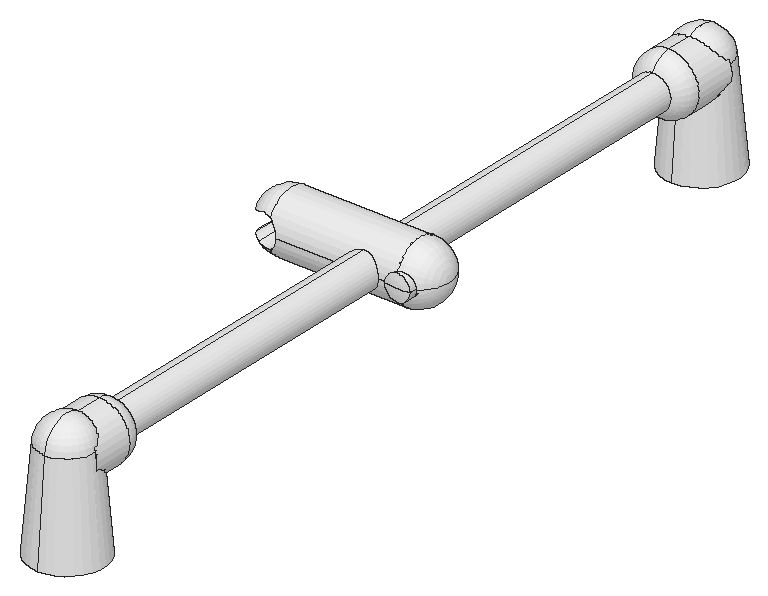
Revit family "Shower_Bar-Wall_Hung-American_Standard-1660.225_Series", category Plumbing Fixtures, host Face, Revit 2015
Parameters (values of type "1660.225.002")
  Width = 5"
  Waste Connection = no
  Warranty Information = "Limited 1-Year Warranty"  # constant formula
  WFU = 2  # constant formula
  Vent Connection = no
  URL = "https://www.americanstandard-us.com/"
  Type Comments = ""
  Product Page URL = "https://www.americanstandard-us.com/bathroom/shower-faucets/standard-slide-bar-17023"
  Product Documentation Link = "https://www.americanstandard-us.com/-/media/sites/asus/files/product-specs/shower-accessories/shower-slide-bars-1660225-1660236-1660230-1660330-1660530/spec-sheet-1660225-1660236-1660230-1660330-1660530.pdf?la=en"
  Price = "Prices may vary. Please consult Manufacturer Representative for most up-to-date price list."  # constant formula
  Model = "1660.225.002"
  Material = "Brass-American Standard-002-Polished Chrome"
  Manufacturer = "American Standard"  # constant formula
  Installation Type = "Wall-Mounted"
  Height = 23 5/8"
  HWFU = 2  # constant formula
  HW Connection = yes
  Finish = Brass-American Standard-002-Polished Chrome
  Description = "Standard Slide Bar"
  Default Elevation = 44"
  Creation Date = "01/30/2020"  # constant formula
  CWFU = 1  # constant formula
  CW Connection = yes
  Assembly Code = "D2010710"
Types (4): name | Model | Material | Finish
  (no name) | "1660.225.002" | "Brass-American Standard-002-Polished Chrome" | Brass-American Standard-002-Polished Chrome
  1660.225.002 | "1660.225.002" | "Brass-American Standard-002-Polished Chrome" | Brass-American Standard-002-Polished Chrome
  1660.225.295 | "1660.225.295" | "Brass-American Standard-295-Brushed Nickel" | Brass-American Standard-295-Brushed Nickel
  1660.225.224 | "1660.225.224" | "Brass-American Standard-224-Oil Rubbed Bronze" | Brass-American Standard-224-Oil Rubbed Bronze
Reference planes (in)
  plane 1 "Center (Front/Back)": y = 0
  plane 2: z = 0
  plane 3 "Center (Left/Right)": x = 0
  plane 4: x = -8.18213
  plane 5: y = 11.8125
  plane 6: y = -11.8125
  plane 7: y = 10.8125
  plane 8: y = -10.8125
  plane 9: z = 2.5
  plane 10: y = 34
  plane 11: z = 1.35868
  plane 12: y = 5.75
Forms (in)
  Revolve 1, solid, material "Brass-American Standard-002-Polished Chrome" <- "Finish"
    sketch origin (0, 0, 0) x (0, 1, 0) y (0, 0, 1)
      loop
        line (10.8125, 0) -> (11.8125, 0) -> (11.57366, 2.72992)
        arc (11.57366, 2.72992) -> (11.3287, 3.22666) -> (10.8125, 3.4274) r 0.76407
        line (10.8125, 3.4274) -> (10.8125, 0)
      axis (10.8125, 0) -> (10.8125, 3.4274)
    angle from 0 to 360
  Revolve 2, solid, material "Brass-American Standard-002-Polished Chrome" <- "Finish"
    sketch origin (0, -21.625, 0) x (0, 1, 0) y (0, 0, 1)
      loop
        line (10.8125, 0) -> (11.8125, 0) -> (11.57366, 2.72992)
        arc (11.57366, 2.72992) -> (11.3287, 3.22666) -> (10.8125, 3.4274) r 0.76407
        line (10.8125, 3.4274) -> (10.8125, 0)
      axis (10.8125, 0) -> (10.8125, 3.4274)
    angle from 0 to 360
  Revolve 3, solid, material "Brass-American Standard-002-Polished Chrome" <- "Finish"
    sketch origin (0, 0, 0) x (0, 1, 0) y (0, 0, 1)
      loop
        line (10.8125, 2.5) -> (10.8125, 3.32065) -> (9.70232, 3.32065)
        arc (9.70232, 3.32065) -> (9.38347, 3.22757) -> (9.16477, 2.97757) r 0.59266
        line (9.16477, 2.97757) -> (-9.16477, 2.97757)
        arc (-9.16477, 2.97757) -> (-9.38347, 3.22757) -> (-9.70232, 3.32065) r 0.59266
        line (-9.70232, 3.32065) -> (-10.8125, 3.32065) -> (-10.8125, 2.5) -> (10.8125, 2.5)
      axis (10.8125, 2.5) -> (-10.8125, 2.5)
    angle from 0 to 360
  Revolve 4, solid, material "Brass-American Standard-002-Polished Chrome" <- "Finish"
    sketch origin (0, 0, 2.5) x (1, 0, 0) y (0, 1, 0)
      loop
        arc (-2.52332, 0.82538) -> (-3.10695, 0.58363) -> (-3.3487, 0) r 0.82538
        line (-3.3487, 0) -> (1.78836, 0)
        arc (1.78836, 0) -> (1.54662, 0.58363) -> (0.96298, 0.82538) r 0.82538
        line (0.96298, 0.82538) -> (-2.52332, 0.82538)
      axis (-3.3487, 0) -> (1.78836, 0)
    angle from 0 to 360
  Extrusion 5, void
    sketch origin (0, 0, 0) x (1, 0, 0) y (0, 0, 1)
      loop
        arc (-2.93399, 2.12784) -> (-2.29094, 2.5) -> (-2.93399, 2.87216) r 0.42922
        arc (-2.93399, 2.87216) -> (-3.05857, 2.82949) -> (-3.19007, 2.83645) r 0.346
        line (-3.19007, 2.83645) -> (-3.74053, 2.97369) -> (-3.74053, 2.02631) -> (-3.19007, 2.16355)
        arc (-3.19007, 2.16355) -> (-3.05857, 2.17051) -> (-2.93399, 2.12784) r 0.346
    from -0.92914 to 0.9234
  Revolve 6, solid, material "Brass-American Standard-002-Polished Chrome" <- "Finish"
    sketch origin (0.3125, -0.01562, 2.5) x (1, 0, 0) y (0, 1, 0)
      loop
        line (0.75, 0.01562) -> (0.40259, 0.01562) -> (0.40259, -0.85724)
        arc (0.40259, -0.85724) -> (0.57502, -0.8888) -> (0.75, -0.89937) r 1.45366
        line (0.75, -0.89937) -> (0.75, 0.01562)
      axis (0.75, -0.89937) -> (0.75, 0.01562)
    angle from 0 to 360
Cuts and joins
  Extrusion 5 cuts Revolve 4
Dimensions and locks (in)
  equal spacing: plane 5, plane 1 "Center (Front/Back)", plane 6
  "Height": plane 5 to plane 6
  equal spacing: plane 7, plane 1 "Center (Front/Back)", plane 8
  plane 7 to plane 8 = 21 5/8"
  plane 10 to plane 1 "Center (Front/Back)" = 34"
  aligned and locked: plane 2 to host face
  aligned and locked: level to host face
Automatic sketch dimensions
  host sketch curve to host sketch curve = 96"  (x2)
  Revolve 1 sketch curve to level = 0"
  Revolve 1 sketch curve to plane 7 = 0"  (x2)
  Revolve 1 sketch curve to plane 5 = 0"
  Revolve 1 sketch curve to plane 5 = 0.23884"
  plane 9 to Revolve 1 sketch curve = 0.16333"
  plane 9 to Revolve 1 sketch curve = 0.22992"
  Revolve 1 sketch curve to Revolve 1 sketch curve = 0.57239"
  level to Revolve 1 sketch curve = 0.42761"
  Revolve 2 sketch curve to level = 0"
  Revolve 2 sketch curve to plane 8 = 0"  (x2)
  plane 9 to Revolve 2 sketch curve = 0.22992"
  plane 8 to Revolve 2 sketch curve = 0.76116"
  Revolve 2 sketch curve to Revolve 2 sketch curve = 1"
  plane 9 to Revolve 2 sketch curve = 0.16333"
  Revolve 2 sketch curve to level = 0.57239"
  Revolve 2 sketch curve to Revolve 2 sketch curve = 0.42761"
  Revolve 3 sketch curve to plane 8 = 0"
  Revolve 3 sketch curve to plane 9 = 0"  (x2)
  Revolve 3 sketch curve to plane 7 = 0"
  plane 8 to Revolve 3 sketch curve = 1.11018"
  Revolve 3 sketch curve to Revolve 3 sketch curve = 0.53755"  (x2)
  plane 9 to Revolve 3 sketch curve = 0.47757"
  plane 7 to Revolve 3 sketch curve = 1.64773"
  plane 9 to Revolve 3 sketch curve = 0.22799"  (x2)
  Revolve 3 sketch curve to plane 1 "Center (Front/Back)" = 2 9/16"
  Revolve 3 sketch curve to Revolve 3 sketch curve = 1 3/4"
  plane 1 "Center (Front/Back)" to Revolve 4 sketch curve = 0"  (x2)
  Revolve 4 sketch curve to plane 3 "Center (Left/Right)" = 3.3487"
  Revolve 4 sketch curve to plane 1 "Center (Front/Back)" = 0.82538"
  plane 3 "Center (Left/Right)" to Revolve 4 sketch curve = 0.96298"
  Revolve 4 sketch curve to Revolve 4 sketch curve = 0.46164"
  Revolve 4 sketch curve to Revolve 4 sketch curve = 1/2"
  Extrusion 5 sketch curve to plane 9 = 0"
  plane 9 to Extrusion 5 sketch curve = 0.47369"
  Extrusion 5 sketch curve to plane 3 "Center (Left/Right)" = 3.74053"
  Extrusion 5 sketch curve to plane 9 = 0.33645"
  Extrusion 5 sketch curve to Extrusion 5 sketch curve = 0.55046"  (x2)
  plane 9 to Extrusion 5 sketch curve = 0.33645"
  Extrusion 5 sketch curve to Extrusion 5 sketch curve = 0.08371"  (x2)
  Extrusion 5 sketch curve to Extrusion 5 sketch curve = 0.46991"
  Extrusion 5 sketch curve to plane 9 = 0.47369"
  Extrusion 5 sketch curve to Extrusion 5 sketch curve = 0.33572"  (x2)
  Extrusion 5 sketch curve to Extrusion 5 sketch curve = 0"
  plane 1 "Center (Front/Back)" to Revolve 6 sketch curve = 0"
  plane 3 "Center (Left/Right)" to Revolve 6 sketch curve = 0.71509"
  Revolve 6 sketch curve to Revolve 6 sketch curve = 0.34741"
  plane 1 "Center (Front/Back)" to Revolve 6 sketch curve = 0.87287"
  Revolve 6 sketch curve to Revolve 6 sketch curve = 0.04212"
  Revolve 6 sketch curve to Revolve 6 sketch curve = 0"
  plane 1 "Center (Front/Back)" to Revolve 6 sketch curve = 0.20388"
  Revolve 6 sketch curve to Revolve 6 sketch curve = 0.18993"
